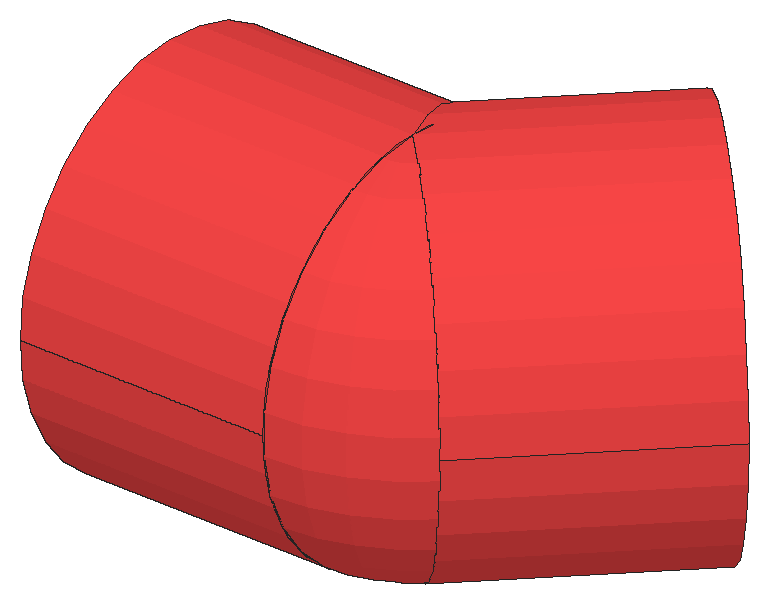
Revit family "Aquatherm_Угольник 90 и 45 B1", category Соединительные детали трубопроводов, Revit 2019
Family settings
  Размер круглого соединителя = Использовать диаметр
  Тип детали = Отвод
  На основе рабочей плоскости = Нет
  Всегда вертикально = Да
  При загрузке вырезать с полостями = Нет
  Общий = Нет
Parameters (values of type "SDR 7.4")
  Материал_Корпус = AquaTherm red pipe
  z [instance] = size_lookup("Угольник 90 и 45", "z", 20 mm, d, a1)  # 6 mm
  a1 [instance] = if(and(40.00° < a, a < 50.00°), 45.00°, if(and(85.00° < a, a < 95.00°), 90.00°, 45.00°))  # 45.00°
  d [instance] = 25 mm
  a [instance] = 45.00°
  l [instance] = size_lookup("Угольник 90 и 45", "l", d + 5 mm, d, a1)  # 22 mm
  URL = "www.agpipe.ru"
  SDR = 7.4 mm
  D [instance] = size_lookup("Угольник 90 и 45", "D", d + 8 mm, d, a1)  # 34 mm
  ADSK_Примечание = ""
  ADSK_Позиция [instance] = ""
  ADSK_Обозначение = ""
  ADSK_Наименование [instance] = size_lookup("Угольник 90 и 45", "ADSK_Наименование", "Нет в каталоге", d, a1)  # "Угольник 45°/В1 DN25"
  ADSK_Масса_Текст [instance] = size_lookup("Угольник 90 и 45", "ADSK_Масса_Текст", "Нет в каталоге", d, a1)  # "0.019"
  ADSK_Код изделия [instance] = size_lookup("Угольник 90 и 45", "ADSK_Код изделия", "Нет в каталоге", d, a1)  # "4112510"
  ADSK_Завод-изготовитель = "Aquatherm"  # constant formula
  ADSK_Единица измерения = "шт."  # constant formula
Reference planes
  plane 1 "По центру (Вперед/Назад)": y = 0
  plane 2: z = 0
  plane 3 "По центру (Влево/Вправо)": x = 0
  plane 4: x = -22
  plane 5: x = -6
  plane 6: y = 9
  plane 7: y = 22
Forms (mm)
  Revolve 1, solid, material "AquaTherm red pipe" <- "Материал_Корпус"
    sketch origin (0, 0, 0) x (0, 1, 0) y (0, 0, -1)
      loop
        line (0, -17) -> (0, 17)
        arc (0, 17) -> (-17, 0) -> (0, -17) r 17
      axis (0, -17) -> (0, 17)
    angle from 0 to 45 <- "a1"
  Sweep 2, solid, material "AquaTherm red pipe" <- "Материал_Корпус"
    path origin (0, 0, 0) x (1, 0, 0) y (0, 1, 0)
      loop
        line (0, 0) -> (-22, 0)
    profile origin (-11, 0, 0) x (0, -1, 0) y (0, 0, 1)
      loop
        circle (0, 0) r 17
      loop
        circle (0, 0) r 12.5
Lines and regions (mm)
  reference lines
    curve 1: line (0, 0, 0) -> (-6, 0, 0)
Dimensions and locks
  "l": plane 4 to plane 3 "По центру (Влево/Вправо)"
  "z": plane 5 to plane 3 "По центру (Влево/Вправо)"
  Revolve 1 sketch curve to Revolve 1 sketch curve = 34 mm
  "D": Revolve 1 sketch curve to Revolve 1 sketch curve
  "D": diameter of Sweep 2 sketch curve
  "d": diameter of Sweep 2 sketch curve
  aligned and locked: level to plane 2
  aligned and locked: plane 3 "По центру (Влево/Вправо)" to Revolve 1
  aligned and locked: plane 1 "По центру (Вперед/Назад)" to Revolve 1
  aligned and locked: plane 3 "По центру (Влево/Вправо)" to nested 1
  aligned and locked: plane 1 "По центру (Вперед/Назад)" to nested 1
  aligned and locked: plane 3 "По центру (Влево/Вправо)" to curve 1
  aligned and locked: plane 5 to curve 1
  aligned and locked: curve 1 to plane 1 "По центру (Вперед/Назад)"
  aligned and locked: plane 4 to Sweep 2 sketch curve
  aligned and locked: plane 3 "По центру (Влево/Вправо)" to Sweep 2 sketch curve
  aligned and locked: Sweep 2 sketch curve to plane 1 "По центру (Вперед/Назад)"
Automatic sketch dimensions
  Revolve 1 sketch curve to plane 1 "По центру (Вперед/Назад)" = 0 mm  (x2)
  Revolve 1 sketch curve to level = 0 mm
  Revolve 1 sketch curve to Revolve 1 sketch curve = 2.75 mm
  Revolve 1 sketch curve to Revolve 1 sketch curve = 4.151 mm
  Sweep 2 sketch curve to Sweep 2 sketch curve = 0 mm  (x2)
  Sweep 2 sketch curve to level = 0 mm
  Sweep 2 sketch curve to profile plane = 0 mm
Nested families
  nested 1: "Семейство2" at (0, 0, 0), D <- "D", a <- "a1", l <- "l", d <- "d", z <- "z", Материал_Корпус <- "Материал_Корпус", type "Семейство2"
    with Материал_Корпус AquaTherm red pipe, z 6 mm, l 22 mm, d 25 mm, a 45.00°, D 34 mm
Connectors
  piping at (-6, 0, 0), diameter 25, driven by "d", driven by "a"
    settings: on curve 1, index 1, connector inside diameter 609.6 mm, connector length 0 mm, flow factor 0, pipe flow 0.0 L/s, pressure drop 0.0 Pa, fitting loss kfactor 0, connector angle 45.00°, fixture units 0, engagement length 0 mm, angle of deflection 0.00°, flow configuration 1, flow direction 0, fitting loss method 4, system type 28, joint type 0, gender type 0, connector reference index 2, connector utility 0, adjustable connector no, is connector primary yes, connector description ""
  piping at (4.243, 4.243, 0), diameter 25, driven by "d", driven by "a"
    settings: on nested 1, index 2, connector inside diameter 609.6 mm, connector length 0 mm, flow factor 0, pipe flow 0.0 L/s, pressure drop 0.0 Pa, fitting loss kfactor 0, connector angle 45.00°, fixture units 0, engagement length 0 mm, angle of deflection 0.00°, flow configuration 1, flow direction 0, fitting loss method 4, system type 28, joint type 0, gender type 0, connector reference index 1, connector utility 0, adjustable connector no, is connector primary no, connector description ""
Definition of nested family "Семейство2"
  Parameters (values of type "Семейство2")
    Материал_Корпус [instance] = none
    z [instance] = 30 mm
    l [instance] = 130 mm
    d [instance] = 16 mm
    a [instance] = 27.00°
    D [instance] = 120 mm
  Reference planes
    plane 1 "По центру (Вперед/Назад)": y = 0
    plane 2: z = 0
    plane 3 "По центру (Влево/Вправо)": x = 0
  Dimensions and locks
    "a": angle plane 1 "По центру (Вперед/Назад)" to nested 1
    aligned and locked: level to plane 2
  Nested families
    nested 1: "Семейство1" at (0, 0, 0) x (0.891, 0.454, 0) z (0, 0, 1), D <- "D", l <- "l", d <- "d", z <- "z", Материал_Корпус <- "Материал_Корпус", type "Семейство1"
      with z 30 mm, l 130 mm, d 16 mm, D 120 mm
  Definition of nested family "Семейство1"
    Parameters (values of type "Семейство1")
      Материал_Корпус [instance] = none
      z [instance] = 60.854 mm
      l [instance] = 130.662 mm
      d [instance] = 83.545 mm
      D [instance] = 120 mm
    Reference planes
      plane 1 "По центру (Вперед/Назад)": y = 0
      plane 2: z = 0
      plane 3 "По центру (Влево/Вправо)": x = 0
      plane 4: y = 60
      plane 5: y = -60
      plane 6: x = 130.662
      plane 7: y = 41.772
      plane 8: y = -41.772
      plane 9: x = 60.854
      plane 10: y = 41.772
      plane 11: y = -41.772
    Forms (mm)
      Revolve 1, solid, material <- "Материал_Корпус"
        sketch origin (0, 0, 0) x (1, 0, 0) y (0, 1, 0)
          loop
            line (0, 60) -> (0, 41.772) -> (130.662, 41.772) -> (130.662, 60) -> (0, 60)
          axis (0, 0) -> (130.662, 0)
        angle from 0 to 360
      Revolve 2, solid
        sketch origin (0, 0, 0) x (1, 0, 0) y (0, 1, 0)
          loop
            line (0, 41.772) -> (0, 0) -> (60.854, 0) -> (60.854, 41.772) -> (0, 41.772)
          axis (0, 0) -> (60.854, 0)
        angle from 0 to 360
    Dimensions and locks
      equal spacing: plane 4, plane 1 "По центру (Вперед/Назад)", plane 5
      "D": plane 4 to plane 5
      "l": plane 3 "По центру (Влево/Вправо)" to plane 6
      equal spacing: plane 8, plane 1 "По центру (Вперед/Назад)", plane 7
      "d": plane 8 to plane 7
      "z": plane 3 "По центру (Влево/Вправо)" to plane 9
      equal spacing: plane 10, plane 1 "По центру (Вперед/Назад)", plane 11
      "d": plane 10 to plane 11
      aligned and locked: level to plane 2
      aligned and locked: plane 1 "По центру (Вперед/Назад)" to Revolve 1 sketch curve
      aligned and locked: Revolve 1 sketch curve to plane 4
      aligned and locked: plane 3 "По центру (Влево/Вправо)" to Revolve 1 sketch curve
      aligned and locked: Revolve 1 sketch curve to plane 6
      aligned and locked: plane 7 to Revolve 1 sketch curve
      aligned and locked: plane 1 "По центру (Вперед/Назад)" to Revolve 2 sketch curve
      aligned and locked: Revolve 2 sketch curve to Revolve 1
      aligned and locked: Revolve 2 sketch curve to plane 1 "По центру (Вперед/Назад)"
      aligned and locked: Revolve 2 sketch curve to plane 9
      aligned and locked: Revolve 2 sketch curve to plane 10
    Automatic sketch dimensions
      Revolve 1 sketch curve to plane 3 "По центру (Влево/Вправо)" = 50 mm
      plane 6 to Revolve 1 sketch curve = 49.338 mm
      Revolve 2 sketch curve to plane 3 "По центру (Влево/Вправо)" = 15 mm
      plane 6 to Revolve 2 sketch curve = 31.685 mm
